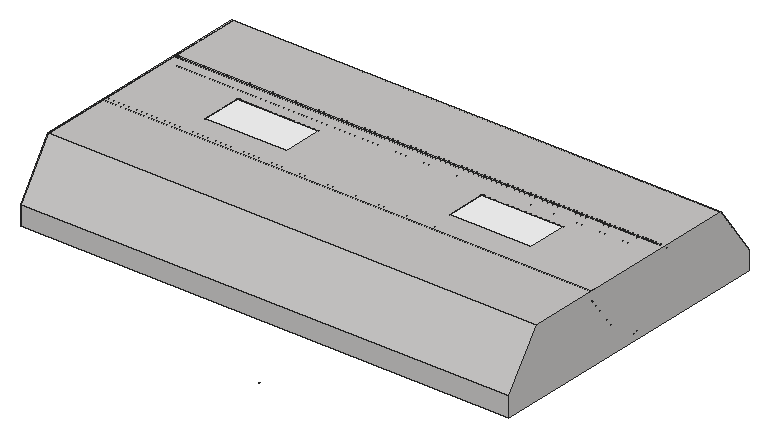
Revit family "QF_ELECTROLUXPROFESSIONAL_642373_BC2236DT", category Specialty Equipment, Revit 2014
Reference planes
  plane 1: z = 0
  plane 2 "Center (Left/Right)": x = 150
  plane 3 "LEFT": x = -1650
  plane 4 "RIGHT": x = 1950
  plane 5 "BACK": y = 550
  plane 6 "TOP": z = 2500
  plane 7 "Base": z = 2000
  plane 8: z = 1946
  plane 9: x = -1647
  plane 10 "DrainX": x = 1799
  plane 11 "AOLeft2": x = -450
  plane 12 "AORight1": x = 750
  plane 13: x = 1947
  plane 14: x = -1450
  plane 15: x = 1750
  plane 16: x = 50
  plane 17: x = 250
  plane 18 "AOLeft1": x = -1050
  plane 19 "AORight2": x = 1350
  plane 20: y = -400
  plane 21: y = -700
  plane 22 "Center (Front/Back)": y = -550
  plane 23: y = -1650
  plane 24: through (0, -601.379, 2046.209) normal (0, 0.8019, 0.5974)
  plane 25: through (0, -498.621, 2046.209) normal (0, 0.8019, -0.5974)
  plane 26: z = 2140
Forms (mm)
  Extrusion 1, solid, material "QF_Finishes_Stainless Steel"
    sketch origin (-1650, 0, 360) x (0, 1, 0) y (0, 0, 1)
      loop
        line (550, 1640) -> (550, 1780) -> (299.446, 2140) -> (-1399.446, 2140) -> (-1650, 1780) -> (-1650, 1640) -> (550, 1640)
    from 0 to 3
  Extrusion 2, solid, material "QF_Finishes_Stainless Steel"
    sketch origin (1950, 0, 360) x (0, 1, 0) y (0, 0, 1)
      loop
        line (550, 1640) -> (550, 1780) -> (299.446, 2140) -> (-1399.446, 2140) -> (-1650, 1780) -> (-1650, 1640) -> (550, 1640)
    from 0 to -3
  Extrusion 3, solid, material "QF_Finishes_Stainless Steel"
    sketch origin (150, 0, 360) x (0, 1, 0) y (0, 0, 1)
      loop
        line (-1399.446, 2140) -> (-1650, 1780) -> (-1650, 1640) -> (-1640, 1640) -> (-1640, 1640.8) -> (-1649.2, 1640.8) -> (-1649.2, 1779.739) -> (-1399.025, 2139.19) -> (299.025, 2139.19) -> (549.2, 1779.739) -> (549.2, 1640.8) -> (540, 1640.8) -> (540, 1640) -> (550, 1640) -> (550, 1780) -> (299.446, 2140) -> (-1399.446, 2140)
    from -1800 to 1800
  Extrusion 4, void
    sketch origin (0, 0, 2500) x (0, 1, 0) y (-1, 0, 0)
      loop
        line (-400, 450) -> (-400, 1050) -> (-700, 1050) -> (-700, 450) -> (-400, 450)
    from 0 to -10
  Extrusion 5, solid, material "QF_Finishes_Stainless Steel"
    sketch origin (0, 0, 0) x (1, 0, 0) y (0, 1, 0)
      loop
        line (-1650, 550) -> (-1650, 549) -> (-1649, 549) -> (-1649, 550) -> (-1650, 550)
    from 0 to 1
  Extrusion 6, solid, material "QF_Finishes_Stainless Steel"
    sketch origin (150, -400, 360) x (0, 1, 0) y (0, 0, 1)
      loop
        line (-498.883, 2085.553) -> (-201.379, 1686.209) -> (-185.34, 1698.157) -> (-482.844, 2097.501) -> (-498.883, 2085.553)
      loop
        line (198.883, 2085.553) -> (182.844, 2097.501) -> (-114.66, 1698.157) -> (-98.621, 1686.209) -> (198.883, 2085.553)
    from -1600 to -1797
  Extrusion 7, solid, material "QF_Finishes_Stainless Steel"
    sketch origin (150, -400, 360) x (0, 1, 0) y (0, 0, 1)
      loop
        arc (-83.944, 1704.554) -> (-84.545, 1704.706) -> (-85.077, 1704.389) r 0.81
        line (-85.077, 1704.389) -> (-99.535, 1684.991) -> (-116.611, 1687.002) -> (-113.609, 1712.615) -> (-114.407, 1712.708) -> (-117.406, 1687.095)
        arc (-117.406, 1687.095) -> (-117.237, 1686.499) -> (-116.695, 1686.197) r 0.81
        line (-116.695, 1686.197) -> (-99.628, 1684.196)
        arc (-99.628, 1684.196) -> (-99.213, 1684.257) -> (-98.884, 1684.517) r 0.81
        line (-98.884, 1684.517) -> (-84.436, 1703.911) -> (-73.692, 1695.919) -> (-99.855, 1660.79) -> (-200.145, 1660.79) -> (-226.308, 1695.919) -> (-215.564, 1703.911) -> (-201.116, 1684.517)
        arc (-201.116, 1684.517) -> (-200.787, 1684.257) -> (-200.372, 1684.196) r 0.81
        line (-200.372, 1684.196) -> (-183.305, 1686.197)
        arc (-183.305, 1686.197) -> (-182.763, 1686.499) -> (-182.594, 1687.095) r 0.81
        line (-182.594, 1687.095) -> (-185.593, 1712.708) -> (-186.391, 1712.615) -> (-183.389, 1687.002) -> (-200.465, 1684.991) -> (-214.923, 1704.389)
        arc (-214.923, 1704.389) -> (-215.455, 1704.706) -> (-216.056, 1704.554) r 0.81
        line (-216.056, 1704.554) -> (-226.786, 1696.561)
        arc (-226.786, 1696.561) -> (-227.103, 1696.028) -> (-226.951, 1695.427) r 0.81
        line (-226.951, 1695.427) -> (-200.843, 1660.381)
        arc (-200.843, 1660.381) -> (-200.5, 1660.093) -> (-200.063, 1659.99) r 0.972
        line (-200.063, 1659.99) -> (-99.951, 1659.99)
        arc (-99.951, 1659.99) -> (-99.502, 1660.096) -> (-99.149, 1660.393) r 1
        line (-99.149, 1660.393) -> (-73.049, 1695.427)
        arc (-73.049, 1695.427) -> (-72.897, 1696.028) -> (-73.214, 1696.561) r 0.81
        line (-73.214, 1696.561) -> (-83.944, 1704.554)
      loop
        line (-492.735, 2139.19) -> (-492.735, 2129.205) -> (-517.587, 2110.686)
        arc (-517.587, 2110.686) -> (-517.904, 2110.153) -> (-517.752, 2109.552) r 0.81
        line (-517.752, 2109.552) -> (-484.894, 2065.446) -> (-495.625, 2057.438) -> (-495.147, 2056.796) -> (-484.418, 2064.79)
        arc (-484.418, 2064.79) -> (-484.1, 2065.322) -> (-484.252, 2065.923) r 0.81
        line (-484.252, 2065.923) -> (-517.117, 2110.038) -> (-491.935, 2128.798) -> (-491.935, 2138.4) -> (-462.776, 2138.4) -> (-462.776, 2070.563) -> (-461.976, 2069.49) -> (-461.976, 2139.19) -> (-492.735, 2139.19)
      loop
        line (192.735, 2139.19) -> (161.976, 2139.19) -> (161.976, 2069.49) -> (162.776, 2070.563) -> (162.776, 2138.4) -> (191.935, 2138.4) -> (191.935, 2128.798) -> (217.117, 2110.038) -> (184.252, 2065.923)
        arc (184.252, 2065.923) -> (184.1, 2065.322) -> (184.418, 2064.79) r 0.81
        line (184.418, 2064.79) -> (195.147, 2056.796) -> (195.625, 2057.438) -> (184.894, 2065.446) -> (217.752, 2109.552)
        arc (217.752, 2109.552) -> (217.904, 2110.153) -> (217.587, 2110.686) r 0.81
        line (217.587, 2110.686) -> (192.735, 2129.205) -> (192.735, 2139.19)
    from -1797 to 1797
  Extrusion 8, solid, material "QF_Finishes_Stainless Steel"
    sketch origin (150, -400, 360) x (0, 1, 0) y (0, 0, 1)
      loop
        line (-498.883, 2085.553) -> (-201.379, 1686.209) -> (-185.34, 1698.157) -> (-482.844, 2097.501) -> (-498.883, 2085.553)
      loop
        line (198.883, 2085.553) -> (182.844, 2097.501) -> (-114.66, 1698.157) -> (-98.621, 1686.209) -> (198.883, 2085.553)
    from 1797 to 1600
  Extrusion 9, solid, material "QF_Finishes_Stainless Steel"
    sketch origin (150, -400, 360) x (0, 1, 0) y (0, 0, 1)
      loop
        line (-498.883, 2085.553) -> (-201.379, 1686.209) -> (-185.34, 1698.157) -> (-482.844, 2097.501) -> (-498.883, 2085.553)
      loop
        line (198.883, 2085.553) -> (182.844, 2097.501) -> (-114.66, 1698.157) -> (-98.621, 1686.209) -> (198.883, 2085.553)
    from -100 to 100
  Extrusion 10, solid, material "QF_Finished_Chrome"
    sketch origin (150, -400, 360) x (0, 1, 0) y (0, 0, 1)
      loop
        line (-498.883, 2085.553) -> (-201.379, 1686.209) -> (-185.34, 1698.157) -> (-482.844, 2097.501) -> (-498.883, 2085.553)
      loop
        line (198.883, 2085.553) -> (182.844, 2097.501) -> (-114.66, 1698.157) -> (-98.621, 1686.209) -> (198.883, 2085.553)
    from -1600 to -100
  Extrusion 11, solid, material "QF_Finished_Chrome"
    sketch origin (150, -400, 360) x (0, 1, 0) y (0, 0, 1)
      loop
        line (-498.883, 2085.553) -> (-201.379, 1686.209) -> (-185.34, 1698.157) -> (-482.844, 2097.501) -> (-498.883, 2085.553)
      loop
        line (198.883, 2085.553) -> (182.844, 2097.501) -> (-114.66, 1698.157) -> (-98.621, 1686.209) -> (198.883, 2085.553)
    from 100 to 1600
  Sweep 12, solid, material "QF_Finishes_Stainless Steel"
    path origin (0, 0, 0) x (1, 0, 0) y (0, 1, 0)
      loop
        line (1950, 550) -> (-1650, 550) -> (-1650, -1650) -> (1950, -1650) -> (1950, 550)
    profile origin (1950, -550, 0) x (1, 0, 0) y (0, 0, 1)
      loop
        line (-3, 2000) -> (-3, 2000.8) -> (-19, 2000.8) -> (-19, 2010) -> (-20, 2010) -> (-20, 2000) -> (-3, 2000)
  Extrusion 13, void
    sketch origin (0, 0, 2500) x (0, 1, 0) y (-1, 0, 0)
      loop
        line (-400, -1350) -> (-400, -750) -> (-700, -750) -> (-700, -1350) -> (-400, -1350)
    from 0 to -10
  Extrusion 14, solid, material "QF_Finishes_Stainless Steel"
    sketch origin (1799, 0, 0) x (0, 1, 0) y (0, 0, 1)
      loop
        arc (-518.5, 1946) -> (-511.429, 1948.929) -> (-508.5, 1956) r 10
        line (-508.5, 1956) -> (-508.5, 2000.8) -> (-591.5, 2000.8) -> (-591.5, 1956)
        arc (-591.5, 1956) -> (-588.571, 1948.929) -> (-581.5, 1946) r 10
        line (-581.5, 1946) -> (-518.5, 1946)
    from -90 to 90
  Extrusion 15, solid, material "QF_Finishes_Stainless Steel"
    sketch origin (0, -1100, 2000) x (0, 1, 0) y (-1, 0, 0)
      loop
        circle (550, -1799) r 6.35
    from -3.799 to 0
Cuts and joins
  Extrusion 4, Extrusion 13 cuts Extrusion 3
  joined: Extrusion 2, Extrusion 3, Sweep 12
Lines and regions (mm)
  symbolic lines, style "SpecialityEquipment", detail levels coarse
    curve 1: line (1950, 550, 2500) -> (-1650, 550, 2500)
    curve 2: line (-1650, 550, 2500) -> (-1650, -1650, 2500)
    curve 3: line (1950, -1650, 2500) -> (1950, 550, 2500)
    curve 4: line (-1650, 299.446, 0) -> (1950, -1399.446, 0)
    curve 5: line (1950, 299.446, 0) -> (-1650.605, -1399.446, 0)
  symbolic lines, detail levels coarse
    curve 6: line (-1050, -700, 0) -> (-450, -700, 0)
    curve 7: line (-1050, -400, 0) -> (-1050, -700, 0)
    curve 8: line (-450, -400, 0) -> (-1050, -400, 0)
    curve 9: line (-450, -700, 0) -> (-450, -400, 0)
    curve 10: line (750, -400, 0) -> (750, -700, 0)
    curve 11: line (1350, -400, 0) -> (750, -400, 0)
    curve 12: line (1350, -700, 0) -> (1350, -400, 0)
    curve 13: line (750, -700, 0) -> (1350, -700, 0)
    curve 14: line (-1650.605, -1399.446, 0) -> (1950, -1399.446, 0)
    curve 15: line (1950, 299.446, 0) -> (-1650, 299.446, 0)
    curve 16: line (-1650, -1650, 0) -> (1950, -1650, 0)
Dimensions and locks
  plane 3 "LEFT" to plane 4 "RIGHT" = 3600 mm
  equal spacing: plane 3 "LEFT", plane 2 "Center (Left/Right)", plane 4 "RIGHT"
  plane 3 "LEFT" to plane 9 = 3 mm
  plane 10 "DrainX" to plane 4 "RIGHT" = 151 mm
  plane 13 to plane 4 "RIGHT" = 3 mm
  plane 3 "LEFT" to plane 14 = 200 mm
  plane 15 to plane 4 "RIGHT" = 200 mm
  locked: plane 11 "AOLeft2" to plane 12 "AORight1" at 1200
  equal spacing: plane 11 "AOLeft2", plane 2 "Center (Left/Right)", plane 12 "AORight1"
  locked: plane 7 "Base" to level at 2000
  locked: plane 16 to plane 17 at 200
  equal spacing: plane 16, plane 2 "Center (Left/Right)", plane 17
  plane 18 "AOLeft1" to plane 11 "AOLeft2" = 600 mm
  plane 12 "AORight1" to plane 19 "AORight2" = 600 mm
  plane 7 "Base" to plane 8 = 54 mm
  locked: plane 6 "TOP" to plane 7 "Base" at 500
  plane 5 "BACK" to plane 23 = 2200 mm  (x2)
  equal spacing: plane 5 "BACK", plane 22 "Center (Front/Back)", plane 23
  plane 21 to plane 20 = 300 mm
  equal spacing: plane 21, plane 22 "Center (Front/Back)", plane 20
  plane 26 to plane 7 "Base" = 140 mm
  aligned and locked: level to plane 1
  aligned and locked: plane 4 "RIGHT" to Extrusion 3
  aligned and locked: Extrusion 3 to plane 3 "LEFT"
  aligned and locked: Extrusion 6 to plane 9
  aligned and locked: plane 14 to Extrusion 6
  aligned and locked: Extrusion 2 to plane 13
  aligned and locked: plane 13 to Extrusion 8
  aligned and locked: Extrusion 8 to plane 15
  aligned and locked: plane 17 to Extrusion 9
  aligned and locked: Extrusion 9 to plane 16
  aligned and locked: plane 16 to Extrusion 10
  aligned and locked: Extrusion 10 to plane 14
  aligned and locked: Extrusion 11 to plane 17
  aligned and locked: Extrusion 11 to plane 15
  aligned and locked: Extrusion 7 to plane 9
  aligned and locked: plane 13 to Extrusion 7
  aligned and locked: Extrusion 4 to plane 18 "AOLeft1"
  aligned and locked: Extrusion 4 to plane 11 "AOLeft2"
  aligned and locked: plane 12 "AORight1" to Extrusion 13
  aligned and locked: plane 19 "AORight2" to Extrusion 13
  aligned and locked: plane 21 to Extrusion 13
  aligned and locked: plane 21 to Extrusion 4
  aligned and locked: plane 20 to Extrusion 13
  aligned and locked: plane 20 to Extrusion 4
  aligned and locked: curve 6 to Extrusion 4
  aligned and locked: curve 7 to Extrusion 4
  aligned and locked: curve 8 to Extrusion 4
  aligned and locked: curve 9 to Extrusion 4
  aligned and locked: curve 10 to Extrusion 13
  aligned and locked: curve 11 to Extrusion 13
  aligned and locked: curve 12 to Extrusion 13
  aligned and locked: curve 13 to Extrusion 13
Automatic sketch dimensions
  Extrusion 4 sketch curve to plane 11 "AOLeft2" = 0 mm
  Extrusion 4 sketch curve to plane 18 "AOLeft1" = 0 mm
  Extrusion 5 sketch curve to plane 3 "LEFT" = 0 mm
  Extrusion 5 sketch curve to plane 5 "BACK" = 0 mm
  plane 3 "LEFT" to Extrusion 5 sketch curve = 1 mm
  Extrusion 5 sketch curve to Extrusion 5 sketch curve = 1 mm
  Sweep 12 sketch curve to plane 3 "LEFT" = 0 mm
  Sweep 12 sketch curve to plane 4 "RIGHT" = 0 mm
  Sweep 12 sketch curve to plane 5 "BACK" = 0 mm
  profile plane to Sweep 12 sketch curve = 20 mm
  Sweep 12 sketch curve to Sweep 12 sketch curve = 1 mm
  profile plane to Sweep 12 sketch curve = 3 mm
  level to Sweep 12 sketch curve = 2000 mm
  Sweep 12 sketch curve to Sweep 12 sketch curve = 0.8 mm
  Sweep 12 sketch curve to Sweep 12 sketch curve = 9.2 mm
  Extrusion 13 sketch curve to plane 11 "AOLeft2" = 1800 mm
  plane 18 "AOLeft1" to Extrusion 13 sketch curve = 1800 mm
  Extrusion 13 sketch curve to Extrusion 13 sketch curve = 300 mm
  Extrusion 13 sketch curve to plane 20 = 0 mm
  plane 21 to Extrusion 2 sketch curve = 699.446 mm
  plane 21 to Sweep 12 sketch curve = 950 mm
  plane 21 to Extrusion 4 sketch curve = 0 mm
  Extrusion 4 sketch curve to plane 20 = 0 mm
  Extrusion 15 sketch curve to plane 10 "DrainX" = 0 mm
  Extrusion 15 sketch curve to plane 22 "Center (Front/Back)" = 0 mm
  Extrusion 14 sketch curve to plane 8 = 0 mm
  plane 8 to Extrusion 14 sketch curve = 10 mm
  Extrusion 14 sketch curve to plane 22 "Center (Front/Back)" = 41.5 mm
  plane 22 "Center (Front/Back)" to Extrusion 14 sketch curve = 31.5 mm
  plane 7 "Base" to Extrusion 14 sketch curve = 0.8 mm
  plane 22 "Center (Front/Back)" to Extrusion 14 sketch curve = 41.5 mm
  plane 21 to Extrusion 6 sketch curve = 198.883 mm
  Extrusion 6 sketch curve to plane 6 "TOP" = 42.499 mm  (x2)
  Extrusion 6 sketch curve to Extrusion 6 sketch curve = 16.039 mm  (x2)
  Extrusion 6 sketch curve to plane 22 "Center (Front/Back)" = 51.379 mm
  plane 22 "Center (Front/Back)" to Extrusion 6 sketch curve = 35.34 mm
  plane 20 to Extrusion 6 sketch curve = 182.844 mm
  Extrusion 6 sketch curve to Extrusion 6 sketch curve = 11.948 mm  (x2)
  Extrusion 7 sketch curve to plane 6 "TOP" = 30.448 mm  (x2)
  plane 21 to Extrusion 7 sketch curve = 217.752 mm
  Extrusion 7 sketch curve to plane 6 "TOP" = 29.314 mm  (x2)
  Extrusion 7 sketch curve to Extrusion 7 sketch curve = 0.166 mm  (x3)
  Extrusion 7 sketch curve to plane 6 "TOP" = 29.962 mm  (x2)
  Extrusion 7 sketch curve to Extrusion 7 sketch curve = 0.47 mm  (x2)
  Extrusion 7 sketch curve to Extrusion 7 sketch curve = 0.014 mm  (x2)
  Extrusion 7 sketch curve to plane 6 "TOP" = 82.562 mm  (x2)
  Extrusion 7 sketch curve to Extrusion 7 sketch curve = 22.127 mm
  Extrusion 7 sketch curve to plane 6 "TOP" = 83.204 mm  (x2)
  Extrusion 7 sketch curve to Extrusion 7 sketch curve = 0.478 mm  (x5)
  Extrusion 7 sketch curve to plane 6 "TOP" = 0.81 mm  (x2)
  Extrusion 7 sketch curve to Extrusion 7 sketch curve = 24.852 mm
  Extrusion 7 sketch curve to Extrusion 7 sketch curve = 0.8 mm  (x5)
  Extrusion 7 sketch curve to Extrusion 7 sketch curve = 10.724 mm
  Extrusion 7 sketch curve to plane 6 "TOP" = 74.554 mm  (x2)
  Extrusion 7 sketch curve to Extrusion 7 sketch curve = 0.008 mm  (x6)
  Extrusion 7 sketch curve to plane 6 "TOP" = 75.21 mm  (x2)
  Extrusion 7 sketch curve to plane 6 "TOP" = 74.077 mm  (x2)
  Extrusion 7 sketch curve to Extrusion 7 sketch curve = 0.642 mm  (x2)
  Extrusion 7 sketch curve to plane 6 "TOP" = 69.437 mm  (x2)
  Extrusion 7 sketch curve to Extrusion 7 sketch curve = 21.476 mm  (x2)
  Extrusion 7 sketch curve to plane 21 = 73.049 mm
  Extrusion 7 sketch curve to Extrusion 7 sketch curve = 0.006 mm  (x4)
  Extrusion 7 sketch curve to Extrusion 7 sketch curve = 10.73 mm  (x3)
  Extrusion 7 sketch curve to Extrusion 7 sketch curve = 0.484 mm  (x4)
  Extrusion 7 sketch curve to Extrusion 7 sketch curve = 0.641 mm  (x2)
  Extrusion 7 sketch curve to Extrusion 7 sketch curve = 14.448 mm
  plane 7 "Base" to Extrusion 7 sketch curve = 20.381 mm
  Extrusion 7 sketch curve to Extrusion 7 sketch curve = 0.273 mm
  Extrusion 7 sketch curve to Extrusion 7 sketch curve = 0.65 mm  (x2)
  Extrusion 7 sketch curve to Extrusion 7 sketch curve = 0.001 mm  (x4)
  Extrusion 7 sketch curve to Extrusion 7 sketch curve = 0.093 mm  (x2)
  plane 7 "Base" to Extrusion 7 sketch curve = 20.79 mm
  Extrusion 7 sketch curve to Extrusion 7 sketch curve = 0.698 mm
  Extrusion 7 sketch curve to Extrusion 7 sketch curve = 0.081 mm
  Extrusion 7 sketch curve to Extrusion 7 sketch curve = 28.531 mm
  Extrusion 7 sketch curve to Extrusion 7 sketch curve = 0.799 mm  (x2)
  Extrusion 7 sketch curve to Extrusion 7 sketch curve = 17.067 mm  (x2)
  Extrusion 7 sketch curve to Extrusion 7 sketch curve = 0.01 mm  (x4)
  Extrusion 7 sketch curve to Extrusion 7 sketch curve = 0.094 mm
  Extrusion 7 sketch curve to Extrusion 7 sketch curve = 0.795 mm  (x2)
  plane 22 "Center (Front/Back)" to Extrusion 7 sketch curve = 32.594 mm
  Extrusion 7 sketch curve to Extrusion 7 sketch curve = 0.71 mm
  Extrusion 7 sketch curve to Extrusion 7 sketch curve = 2.998 mm
  Extrusion 7 sketch curve to Extrusion 7 sketch curve = 16.745 mm
  Extrusion 7 sketch curve to Extrusion 7 sketch curve = 0.095 mm
  plane 7 "Base" to Extrusion 7 sketch curve = 20.393 mm
  Extrusion 7 sketch curve to Extrusion 7 sketch curve = 0.707 mm
  Extrusion 7 sketch curve to Extrusion 7 sketch curve = 0.651 mm
  Extrusion 7 sketch curve to Extrusion 7 sketch curve = 14.456 mm
  Extrusion 7 sketch curve to plane 6 "TOP" = 70.51 mm  (x2)
  plane 20 to Extrusion 7 sketch curve = 161.976 mm
  Extrusion 7 sketch curve to plane 6 "TOP" = 1.6 mm
  Extrusion 7 sketch curve to Extrusion 7 sketch curve = 29.159 mm
  Extrusion 7 sketch curve to Extrusion 7 sketch curve = 24.368 mm
  Extrusion 7 sketch curve to Extrusion 7 sketch curve = 0.636 mm
  Extrusion 7 sketch curve to Extrusion 7 sketch curve = 23.206 mm
  Extrusion 7 sketch curve to Extrusion 7 sketch curve = 23.234 mm
  Extrusion 7 sketch curve to Extrusion 7 sketch curve = 0.321 mm  (x2)
  Extrusion 7 sketch curve to Extrusion 7 sketch curve = 2.001 mm  (x2)
  Extrusion 7 sketch curve to Extrusion 7 sketch curve = 0.804 mm  (x2)
  Extrusion 7 sketch curve to Extrusion 7 sketch curve = 10.911 mm  (x2)
  Extrusion 7 sketch curve to Extrusion 7 sketch curve = 7.993 mm  (x2)
  Extrusion 7 sketch curve to Extrusion 7 sketch curve = 25.613 mm  (x2)
  Extrusion 7 sketch curve to Extrusion 7 sketch curve = 0.407 mm  (x2)
  Extrusion 7 sketch curve to Extrusion 7 sketch curve = 0.79 mm
  Extrusion 3 sketch curve to plane 7 "Base" = 0 mm  (x2)
  Extrusion 3 sketch curve to plane 23 = 0 mm
  Extrusion 3 sketch curve to plane 5 "BACK" = 0 mm
  plane 23 to Extrusion 3 sketch curve = 0.8 mm
  plane 7 "Base" to Extrusion 3 sketch curve = 0.8 mm  (x2)
  Extrusion 3 sketch curve to Extrusion 3 sketch curve = 9.2 mm
  plane 23 to Extrusion 3 sketch curve = 250.554 mm
  Extrusion 3 sketch curve to Extrusion 3 sketch curve = 0.421 mm  (x2)
  Extrusion 3 sketch curve to plane 6 "TOP" = 0.81 mm
  Extrusion 3 sketch curve to plane 5 "BACK" = 250.975 mm
  Extrusion 3 sketch curve to plane 5 "BACK" = 10 mm
  Extrusion 3 sketch curve to plane 5 "BACK" = 0.8 mm
  Extrusion 3 sketch curve to Extrusion 3 sketch curve = 138.939 mm  (x2)
  Extrusion 3 sketch curve to Extrusion 3 sketch curve = 0.261 mm  (x2)
  Extrusion 3 sketch curve to plane 6 "TOP" = 0 mm
  Extrusion 1 sketch curve to plane 7 "Base" = 0 mm
  Extrusion 1 sketch curve to plane 23 = 0 mm
  Extrusion 1 sketch curve to plane 6 "TOP" = 0 mm
  Extrusion 1 sketch curve to plane 5 "BACK" = 0 mm
  Extrusion 1 sketch curve to plane 5 "BACK" = 250.554 mm
  plane 7 "Base" to Extrusion 1 sketch curve = 140 mm
  Extrusion 1 sketch curve to Extrusion 1 sketch curve = 140 mm
  plane 23 to Extrusion 1 sketch curve = 250.554 mm
  Extrusion 2 sketch curve to plane 5 "BACK" = 250.554 mm
  plane 7 "Base" to Extrusion 2 sketch curve = 140 mm  (x2)
  Extrusion 2 sketch curve to plane 7 "Base" = 0 mm
  plane 23 to Extrusion 2 sketch curve = 0 mm
  Extrusion 2 sketch curve to plane 6 "TOP" = 0 mm
  Extrusion 2 sketch curve to plane 5 "BACK" = 0 mm
  plane 21 to Extrusion 10 sketch curve = 198.883 mm
  Extrusion 10 sketch curve to plane 6 "TOP" = 42.499 mm  (x2)
  Extrusion 10 sketch curve to Extrusion 10 sketch curve = 16.039 mm  (x2)
  Extrusion 10 sketch curve to plane 22 "Center (Front/Back)" = 51.379 mm
  plane 22 "Center (Front/Back)" to Extrusion 10 sketch curve = 35.34 mm
  plane 20 to Extrusion 10 sketch curve = 182.844 mm
  Extrusion 10 sketch curve to Extrusion 10 sketch curve = 11.948 mm  (x2)
  plane 21 to Extrusion 9 sketch curve = 198.883 mm
  Extrusion 9 sketch curve to plane 6 "TOP" = 42.499 mm  (x2)
  Extrusion 9 sketch curve to Extrusion 9 sketch curve = 16.039 mm  (x2)
  Extrusion 9 sketch curve to plane 22 "Center (Front/Back)" = 51.379 mm
  plane 22 "Center (Front/Back)" to Extrusion 9 sketch curve = 35.34 mm
  plane 20 to Extrusion 9 sketch curve = 182.844 mm
  Extrusion 9 sketch curve to Extrusion 9 sketch curve = 11.948 mm  (x2)
  plane 21 to Extrusion 11 sketch curve = 198.883 mm
  Extrusion 11 sketch curve to plane 6 "TOP" = 42.499 mm  (x2)
  Extrusion 11 sketch curve to Extrusion 11 sketch curve = 16.039 mm  (x2)
  Extrusion 11 sketch curve to plane 22 "Center (Front/Back)" = 51.379 mm
  plane 22 "Center (Front/Back)" to Extrusion 11 sketch curve = 35.34 mm
  plane 20 to Extrusion 11 sketch curve = 182.844 mm
  Extrusion 11 sketch curve to Extrusion 11 sketch curve = 11.948 mm  (x2)
  plane 21 to Extrusion 8 sketch curve = 198.883 mm
  Extrusion 8 sketch curve to plane 6 "TOP" = 42.499 mm  (x2)
  Extrusion 8 sketch curve to Extrusion 8 sketch curve = 16.039 mm  (x2)
  Extrusion 8 sketch curve to plane 22 "Center (Front/Back)" = 51.379 mm
  plane 22 "Center (Front/Back)" to Extrusion 8 sketch curve = 35.34 mm
  plane 20 to Extrusion 8 sketch curve = 182.844 mm
  Extrusion 8 sketch curve to Extrusion 8 sketch curve = 11.948 mm  (x2)
  curve 2 to plane 3 "LEFT" = 0 mm
  curve 2 to plane 23 = 0 mm
  curve 3 to plane 4 "RIGHT" = 0 mm
  curve 3 to plane 23 = 0 mm
  curve 2 to plane 5 "BACK" = 0 mm
  curve 15 to plane 3 "LEFT" = 0 mm
  curve 16 to plane 3 "LEFT" = 0 mm
  curve 14 to plane 4 "RIGHT" = 0 mm
  curve 15 to plane 4 "RIGHT" = 0 mm
  curve 16 to plane 4 "RIGHT" = 0 mm
  curve 16 to plane 23 = 0 mm
  curve 14 to plane 3 "LEFT" = 0.605 mm
  plane 23 to curve 4 = 250.554 mm
  curve 15 to plane 5 "BACK" = 250.554 mm
  radius of Extrusion 15 sketch curve = 6.35 mm
Connectors
  hvac at (-750, -550, 2500)
    settings: on Extrusion 4, index 2, duct flow 0.0 L/s, flow factor 0, pres drop 0.0 Pa, loss coef 0, conn angle 0.00°, conn width 300 mm, conn height 600 mm, conn diameter 609.6 mm, duct sys type 3, conn prof type 1, flow config 1, flow direction 2, loss method 0, conn ref index -1, conn util no, is conn primary yes, conn desc "EXHAUST OUTLET"
  hvac at (1050, -550, 2500)
    settings: on Extrusion 13, index 3, duct flow 0.0 L/s, flow factor 0, pres drop 0.0 Pa, loss coef 0, conn angle 0.00°, conn width 300 mm, conn height 600 mm, conn diameter 609.6 mm, duct sys type 3, conn prof type 1, flow config 1, flow direction 2, loss method 0, conn ref index -1, conn util no, is conn primary no, conn desc "EXHAUST OUTLET"
  piping at (1799, -550, 1996.201), diameter 12.7
    settings: on Extrusion 15, index 4, connector inside diameter 609.6 mm, connector length 0 mm, flow factor 0, pipe flow 0.0 L/s, pressure drop 0.0 Pa, fitting loss kfactor 0, connector angle 0.00°, fixture units 0, engagement length 0 mm, angle of deflection 0.00°, flow configuration 1, flow direction 2, fitting loss method 0, system type 16, joint type 0, gender type 0, connector reference index -1, connector utility 0, adjustable connector no, is connector primary yes, connector description "Drain"
